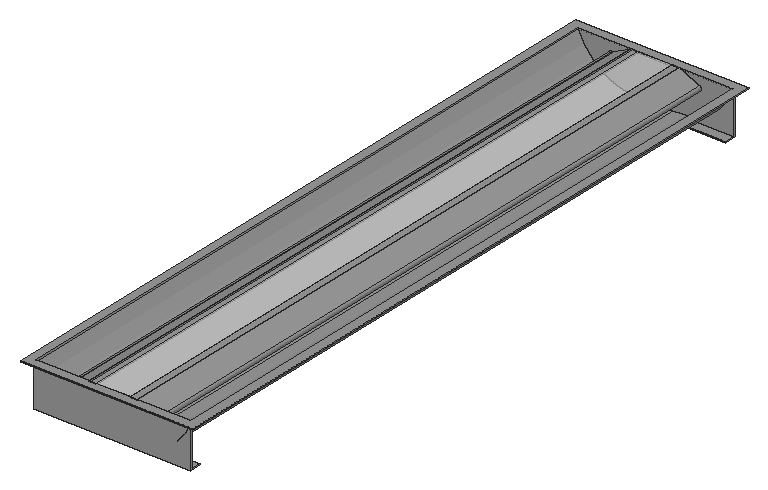
Revit family "44289", category Lighting Fixtures, host Face, Revit 2018
Family settings
  Host = Face
  Round Connector Dimension = Use Diameter
  Part Type = Normal
  OmniClass Number = 23.80.70.11.17
  OmniClass Title = Specialized Lighting by Location or Use
  Cut with Voids When Loaded = No
  Light Source = Yes
  Shared = No
  Room Calculation Point = No
Parameters (values of type "0044289 RUBICO LED 1200 HE 4K DALI EMPRO")
  Width = 1196.0 mm
  Weight = 4.6 kg
  Wattage Comments = ""
  Wattage = 23.6608 W
  built-in parameter 1150110 = 1 (stored number, unit not read)
  Voltage Comments = "UNI ( Universal Voltage; 230-240 Volt )"  # constant formula
  Voltage = 230 V  # constant formula
  URL = "0"
  built-in parameter 1114217 = 1 (stored number, unit not read)
  Tilt Angle = -90.00°
  built-in parameter 1150109 = 1 (stored number, unit not read)
  built-in parameter 1150134 = (empty or 0)
  built-in parameter 1150113 = 1 (stored number, unit not read)
  Reflector Material = Steel_Sylvania_Rubico LED_White_RAL 9016
  Product Page URL = "http://www.sylvania-lighting.com/product/en-int/products/0044336"
  Product Family = "RUBICO LED - DALI DIMMABLE & EMERGENCY 3 HOUR"  # constant formula
  Photometry Comments = ""
  Photometric Web File = "0044289.ies"
  Life = "50 000h"  # constant formula
  Length = 296.0 mm
  LOR = "1"
  Keynote = "n/a"
  IP Rating = "IP20"  # constant formula
  IK Rating = "IK07"  # constant formula
  Housing Material = Steel_Sylvania_Rubico LED_White_RAL 9016
  Height = 75.0 mm
  Glow Wire Test = 850 °C  # constant formula
  Glare Control = "19>"  # constant formula
  Energy Class = "A++, A+, A"  # constant formula
  Emit from Rectangle Width = Cutout Length - 4.0 mm  # 266.0 mm
  Emit from Rectangle Length = Cutout Width - 4.0 mm  # 1166.0 mm
  Emit Shape Visible in Rendering = no
  Electrical Protection = "CLASS1"  # constant formula
  Drive Current = "700mA"  # constant formula
  Diffuser Width = Length - 236.0 mm  # 60.0 mm
  Diffuser 2 Material = Polycarbonate_Sylvania_Rubico LED_Clear
  Diffuser 1 Material = Steel_Sylvania_Rubico LED_White_RAL 9016
  Cutout Width = Width - 26.0 mm  # 1170.0 mm
  Cutout Length = Length - 26.0 mm  # 270.0 mm
  built-in parameter 1114216 [instance] = 1 (stored number, unit not read)
  Model = "RUBICO LED 1200x300 HE 4K DALI EMPRO"
  Manufacturer = ""
  built-in parameter 1150105 = 152.44 (stored number, unit not read)
  Lumens = 1915.58 lm
  built-in parameter 1150115 = 1 (stored number, unit not read)
  built-in parameter 1150137 = (empty or 0)
  built-in parameter 1150139 = (empty or 0)
  built-in parameter 1150112 = 1 (stored number, unit not read)
  built-in parameter 1150114 = 1 (stored number, unit not read)
  Lamp = "n/a"
  built-in parameter 1150132 = 2
  built-in parameter 1150102 = (empty or 0)
  built-in parameter 1150107 = (empty or 0)
  built-in parameter 1150138 = (empty or 0)
  built-in parameter 1150106 = 1.5244 (stored number, unit not read)
  built-in parameter 1150104 = 7.5214 (stored number, unit not read)
  Dimming Lamp Color Temperature Shift = <None>
  Description = "Direct and Indirect light distribution. 31W - 46W LED recessed luminaire. Rubico LED Gen 2 is perfect for Office circulation areas, Corridors . Available with Micro Prismatic Optic (MPO) with satin side diffuser. Available in recessed (600x600 and 1200x300) . Rubico LED Gen 2 delivers high output up to 3,656lm (luminaire lumen output on 4,000K version). Rana LED delivers high efficiency up to 84lm/W (total system efficiency). Available in warm white (3,000K) and neutral white (4,000K). Energy efficient electronic gear including DALI and 3 hour emergency versions as standard. Long lifetime: 50,000 hours life at 70% of the original output L70. Less maintenance is required due to the long lifetime of 50,000hrs. Energy Class: A++, A+, A. LED technology provides an energy efficient solution with reduced maintenance costs. Comes complete with safety cable. Complete with protective film and quick connector for easy installation"  # constant formula
  Default Elevation = 0.0 mm
  Color Filter = 16777215
  Catalog Number = "0044336 RUBICO 300*1200 DALI E3 LED 4000 G2"
  built-in parameter 1140040 [instance] = 1
  CRI(Ra) = ">80"  # constant formula
  Body Material = Steel_Sylvania_Rubico LED_White_RAL 9016
  built-in parameter 1114218 = 1 (stored number, unit not read)
  built-in parameter 1150133 = 10 (stored number, unit not read)
  Assembly Code = "D5020200"
  Apparent Load Comments = ""
  Apparent Load = 30 VA
  Ambient temperature for maximum luminous flux (°C) = "25"  # constant formula
  Accessory Material = Steel_Sylvania_Rubico LED_White_RAL 9016
Reference planes
  plane 1 "Center (Front/Back)": y = 0
  plane 2: z = -5
  plane 3 "Center (Left/Right)": x = -27.322
  plane 4 "Housing Left": x = -162.322
  plane 5 "Housing Right": x = 107.678
  plane 6 "Housing Front": y = 585
  plane 7 "Housing Back": y = -585
  plane 8 "Fixture Right": x = 120.678
  plane 9 "Fixture Left": x = -175.322
  plane 10 "Fixture Front": y = 598
  plane 11 "Fixture Back": y = -598
  plane 12 "Fixture Top": z = -73
  plane 13 "Fixture Bottom": z = 0
  plane 14 "Profile Front": y = 583
  plane 15 "Profile Back": y = -583
  plane 16 "Profile Left": x = -160.322
  plane 17 "Profile Right": x = 105.678
  plane 18 "Diffuser Bottom": z = 0
  plane 19 "Diffuser Top": z = -2
  plane 20 "Accessory Left": x = -67.322
  plane 21 "Accessory Right": x = 12.678
  plane 22 "Diffuser Left": x = -57.322
  plane 23 "Diffuser Right": x = 2.678
  plane 24: z = -75
Forms (mm)
  Extrusion 1, void
    sketch origin (0, 0, 59) x (-1, 0, 0) y (0, -1, 0)
      loop
        line (-107.678, -585) -> (162.322, -585) -> (162.322, 585) -> (-107.678, 585) -> (-107.678, -585)
    from -132 to -61
  Extrusion 2, solid, material "Steel_Sylvania_Rubico LED_White_RAL 9016" <- "Housing Material", detail levels fine
    sketch origin (0, 0, 59) x (-1, 0, 0) y (0, -1, 0)
      loop
        line (175.322, -598) -> (175.322, 598) -> (-120.678, 598) -> (-120.678, -598) -> (175.322, -598)
      loop
        line (162.322, -585) -> (162.322, 585) -> (-107.678, 585) -> (-107.678, -585) -> (162.322, -585)
    from -61 to -59
  Extrusion 3, solid, material "Steel_Sylvania_Rubico LED_White_RAL 9016" <- "Housing Material", detail levels fine
    sketch origin (0, 0, 0) x (1, 0, 0) y (0, 0, 1)
      loop
        line (-57.322, -73) -> (2.678, -73)
        arc (2.678, -73) -> (66.054, -53.584) -> (107.678, -2) r 113.141
        line (107.678, -2) -> (107.678, 0) -> (105.678, 0) -> (105.678, -2)
        arc (105.678, -2) -> (64.666, -52.156) -> (2.678, -71) r 111.377
        line (2.678, -71) -> (-57.322, -71)
        arc (-57.322, -71) -> (-119.31, -52.156) -> (-160.322, -2) r 111.377
        line (-160.322, -2) -> (-160.322, 0) -> (-162.322, 0) -> (-162.322, -2)
        arc (-162.322, -2) -> (-120.698, -53.584) -> (-57.322, -73) r 113.141
    from -583 to 583
  Extrusion 4, solid, material "Steel_Sylvania_Rubico LED_White_RAL 9016" <- "Housing Material", detail levels fine
    sketch origin (0, 0, 0) x (1, 0, 0) y (0, 0, 1)
      loop
        line (107.678, 0) -> (-162.322, 0) -> (-162.322, -73) -> (107.678, -73) -> (107.678, 0)
    from 583 to 585
  Extrusion 5, solid, material "Steel_Sylvania_Rubico LED_White_RAL 9016" <- "Housing Material", detail levels fine
    sketch origin (0, 0, 0) x (1, 0, 0) y (0, 0, 1)
      loop
        line (-162.322, 0) -> (-162.322, -73) -> (107.678, -73) -> (107.678, 0) -> (-162.322, 0)
    from -585 to -583
  Extrusion 6, solid, material "Steel_Sylvania_Rubico LED_White_RAL 9016" <- "Diffuser 1 Material", detail levels fine
    sketch origin (0, 0, 0) x (1, 0, 0) y (0, 0, 1)
      loop
        line (12.678, 0) -> (12.678, -2) -> (14.734, -2) -> (47.833, -17.434)
        arc (47.833, -17.434) -> (49.284, -21.421) -> (45.297, -22.872) r 3
        line (45.297, -22.872) -> (44.452, -24.684)
        arc (44.452, -24.684) -> (51.096, -22.266) -> (48.678, -15.621) r 5
        line (48.678, -15.621) -> (15.178, 0) -> (12.678, 0)
      loop
        line (-67.322, 0) -> (-69.822, 0) -> (-103.322, -15.621)
        arc (-103.322, -15.621) -> (-105.741, -22.266) -> (-99.096, -24.684) r 5
        line (-99.096, -24.684) -> (-99.941, -22.872)
        arc (-99.941, -22.872) -> (-103.928, -21.421) -> (-102.477, -17.434) r 3
        line (-102.477, -17.434) -> (-69.379, -2) -> (-67.322, -2) -> (-67.322, 0)
    from -583 to 583
  Extrusion 7, solid, material "Steel_Sylvania_Rubico LED_White_RAL 9016" <- "Accessory Material", detail levels fine
    sketch origin (0, 0, 59) x (-1, 0, 0) y (0, -1, 0)
      loop
        line (57.322, -583) -> (67.322, -583) -> (67.322, 583) -> (57.322, 583) -> (57.322, -583)
      loop
        line (-2.678, -583) -> (-2.678, 583) -> (-12.678, 583) -> (-12.678, -583) -> (-2.678, -583)
    from -61 to -59
  Extrusion 8, solid, material "Polycarbonate_Sylvania_Rubico LED_Clear" <- "Diffuser 2 Material", detail levels fine
    sketch origin (0, 0, 59) x (-1, 0, 0) y (0, -1, 0)
      loop
        line (-2.678, -583) -> (57.322, -583) -> (57.322, 583) -> (-2.678, 583) -> (-2.678, -583)
    from -61 to -59
  Extrusion 9, solid, material "Steel_Sylvania_Rubico LED_White_RAL 9016" <- "Housing Material", detail levels coarse+medium
    sketch origin (0, 0, 59) x (-1, 0, 0) y (0, -1, 0)
      loop
        line (-120.678, -598) -> (175.322, -598) -> (175.322, 598) -> (-120.678, 598) -> (-120.678, -598)
    from -61 to -59
  Extrusion 10, solid, material "Steel_Sylvania_Rubico LED_White_RAL 9016" <- "Housing Material", detail levels coarse+medium
    sketch origin (0, 0, 0) x (1, 0, 0) y (0, 0, 1)
      loop
        line (-162.322, 0) -> (-162.322, -75) -> (107.678, -75) -> (107.678, 0) -> (-162.322, 0)
    from -585 to 585
  Extrusion 11, void
    sketch origin (0, 0, 59) x (-1, 0, 0) y (0, -1, 0)
      loop
        line (175.322, -598) -> (175.322, 598) -> (-120.678, 598) -> (-120.678, -598) -> (175.322, -598)
    from -61 to -59
  Extrusion 12, solid, material "Steel_Sylvania_Rubico LED_White_RAL 9016" <- "Housing Material", detail levels fine
    sketch origin (0, 0, 59) x (-1, 0, 0) y (0, -1, 0)
      loop
        line (162.322, -585) -> (162.322, -565) -> (-107.678, -565) -> (-107.678, -585) -> (162.322, -585)
      loop
        line (162.322, 585) -> (-107.678, 585) -> (-107.678, 565) -> (162.322, 565) -> (162.322, 585)
    from -134 to -132
Cuts and joins
  joined: Extrusion 2, Extrusion 3, Extrusion 4, Extrusion 5, Extrusion 12
  joined: Extrusion 9, Extrusion 10
Dimensions and locks
  equal spacing: plane 6 "Housing Front", plane 1 "Center (Front/Back)", plane 7 "Housing Back"
  equal spacing: plane 4 "Housing Left", plane 3 "Center (Left/Right)", plane 5 "Housing Right"
  "Cutout Length": plane 4 "Housing Left" to plane 5 "Housing Right"
  equal spacing: plane 9 "Fixture Left", plane 3 "Center (Left/Right)", plane 8 "Fixture Right"
  "Length": plane 9 "Fixture Left" to plane 8 "Fixture Right"
  equal spacing: plane 11 "Fixture Back", plane 1 "Center (Front/Back)", plane 10 "Fixture Front"
  "Width": plane 10 "Fixture Front" to plane 11 "Fixture Back"
  locked: plane 15 "Profile Back" to plane 7 "Housing Back" at 2
  locked: plane 14 "Profile Front" to plane 6 "Housing Front" at 2
  locked: plane 17 "Profile Right" to plane 5 "Housing Right" at 2
  locked: plane 4 "Housing Left" to plane 16 "Profile Left" at 2
  "Cutout Width": plane 6 "Housing Front" to plane 7 "Housing Back"
  equal spacing: plane 22 "Diffuser Left", plane 3 "Center (Left/Right)", plane 23 "Diffuser Right"
  "Diffuser Width": plane 22 "Diffuser Left" to plane 23 "Diffuser Right"
  plane 18 "Diffuser Bottom" to plane 19 "Diffuser Top" to plane 2 = 2.0 mm locked, 3.0 mm locked
  locked: Extrusion 6 sketch curve to Extrusion 6 sketch curve at 2  (x2)
  Extrusion 6 sketch curve to Extrusion 6 sketch curve to plane 20 "Accessory Left" = 33.5 mm locked, 2.5 mm locked
  Extrusion 6 sketch curve to Extrusion 6 sketch curve to plane 21 "Accessory Right" = 33.5 mm locked, 2.5 mm locked
  locked: plane 23 "Diffuser Right" to plane 21 "Accessory Right" at 10
  locked: plane 20 "Accessory Left" to plane 22 "Diffuser Left" at 10
  "Height": plane 18 "Diffuser Bottom" to plane 24
  locked: plane 6 "Housing Front" to Extrusion 12 sketch curve at 20
  locked: Extrusion 12 sketch curve to plane 7 "Housing Back" at 20
  locked: plane 12 "Fixture Top" to plane 24 at 2
  locked: Extrusion 3 sketch curve to plane 24 at 73  (x4)
  aligned and locked: host face to level
  aligned and locked: plane 6 "Housing Front" to Extrusion 1 sketch curve
  aligned and locked: plane 5 "Housing Right" to Extrusion 1 sketch curve
  aligned and locked: Extrusion 1 sketch curve to plane 7 "Housing Back"
  aligned and locked: Extrusion 1 sketch curve to plane 4 "Housing Left"
  aligned and locked: Extrusion 1 to plane 12 "Fixture Top"
  aligned and locked: Extrusion 2 sketch curve to plane 10 "Fixture Front"
  aligned and locked: plane 9 "Fixture Left" to Extrusion 2 sketch curve
  aligned and locked: Extrusion 2 sketch curve to plane 11 "Fixture Back"
  aligned and locked: Extrusion 2 sketch curve to plane 8 "Fixture Right"
  aligned and locked: plane 13 "Fixture Bottom" to Extrusion 2
  aligned and locked: plane 13 "Fixture Bottom" to Extrusion 4 sketch curve
  aligned and locked: Extrusion 4 to plane 7 "Housing Back"
  aligned and locked: Extrusion 4 to plane 15 "Profile Back"
  aligned and locked: Extrusion 5 sketch curve to plane 13 "Fixture Bottom"
  aligned and locked: plane 6 "Housing Front" to Extrusion 5
  aligned and locked: plane 14 "Profile Front" to Extrusion 5
  aligned and locked: Extrusion 7 sketch curve to plane 14 "Profile Front"
  aligned and locked: plane 22 "Diffuser Left" to Extrusion 7 sketch curve
  aligned and locked: Extrusion 6 to Extrusion 7 sketch curve
  aligned and locked: plane 14 "Profile Front" to Extrusion 7 sketch curve
  aligned and locked: Extrusion 7 sketch curve to plane 23 "Diffuser Right"
  aligned and locked: Extrusion 7 sketch curve to Extrusion 6  (x2)
  aligned and locked: plane 19 "Diffuser Top" to Extrusion 7
  aligned and locked: Extrusion 7 to plane 18 "Diffuser Bottom"
  aligned and locked: Extrusion 7 to Extrusion 8 sketch curve  (x2)
  aligned and locked: Extrusion 8 sketch curve to Extrusion 7  (x2)
  aligned and locked: plane 19 "Diffuser Top" to Extrusion 8
  aligned and locked: Extrusion 8 to plane 18 "Diffuser Bottom"
  aligned and locked: plane 13 "Fixture Bottom" to Extrusion 9
  aligned and locked: plane 3 "Center (Left/Right)" to imposter light
  aligned and locked: plane 1 "Center (Front/Back)" to imposter light
  aligned and locked: plane 13 "Fixture Bottom" to imposter light
  aligned and locked: Extrusion 10 sketch curve to imposter light
  aligned and locked: Extrusion 10 to plane 7 "Housing Back"
  aligned and locked: plane 6 "Housing Front" to Extrusion 10
  aligned and locked: Extrusion 11 sketch curve to plane 8 "Fixture Right"
  aligned and locked: plane 9 "Fixture Left" to Extrusion 11 sketch curve
  aligned and locked: Extrusion 11 sketch curve to plane 10 "Fixture Front"
  aligned and locked: Extrusion 11 sketch curve to plane 11 "Fixture Back"
  aligned and locked: level to Extrusion 11
  aligned and locked: level to plane 13 "Fixture Bottom"
  aligned and locked: Extrusion 7 sketch curve to plane 20 "Accessory Left"
  aligned and locked: Extrusion 6 sketch curve to plane 21 "Accessory Right"
  aligned and locked: Extrusion 6 sketch curve to plane 20 "Accessory Left"
  aligned and locked: plane 23 "Diffuser Right" to Extrusion 3 sketch curve
  aligned and locked: plane 22 "Diffuser Left" to Extrusion 3 sketch curve
  aligned and locked: Extrusion 3 sketch curve to plane 12 "Fixture Top"
  aligned and locked: Extrusion 10 sketch curve to plane 5 "Housing Right"
  aligned and locked: Extrusion 10 sketch curve to plane 4 "Housing Left"
  aligned and locked: Extrusion 4 sketch curve to plane 4 "Housing Left"
  aligned and locked: Extrusion 4 sketch curve to plane 5 "Housing Right"
  aligned and locked: Extrusion 2 sketch curve to Extrusion 10  (x3)
  aligned and locked: Extrusion 2 sketch curve to Extrusion 4
  aligned and locked: Extrusion 3 sketch curve to plane 17 "Profile Right"
  aligned and locked: Extrusion 3 sketch curve to plane 5 "Housing Right"
  aligned and locked: host face to Extrusion 3 sketch curve
  aligned and locked: Extrusion 3 sketch curve to plane 4 "Housing Left"
  aligned and locked: Extrusion 3 sketch curve to plane 16 "Profile Left"
  aligned and locked: Extrusion 2 to Extrusion 3 sketch curve
  aligned and locked: Extrusion 5 sketch curve to plane 4 "Housing Left"
  aligned and locked: Extrusion 5 sketch curve to plane 5 "Housing Right"
  aligned and locked: plane 19 "Diffuser Top" to cut or joined group of Extrusion 2, Extrusion 3, Extrusion 4, Extrusion 5, Extrusion 12
  aligned and locked: plane 19 "Diffuser Top" to Extrusion 9
  aligned and locked: plane 19 "Diffuser Top" to Extrusion 11
  aligned and locked: Extrusion 1 to plane 19 "Diffuser Top"
  aligned and locked: Extrusion 12 sketch curve to plane 6 "Housing Front"
  aligned and locked: Extrusion 12 to plane 24
  aligned and locked: plane 12 "Fixture Top" to Extrusion 12
  aligned and locked: plane 4 "Housing Left" to Extrusion 12 sketch curve  (x2)
  aligned and locked: Extrusion 12 sketch curve to plane 5 "Housing Right"
  aligned and locked: Extrusion 5 sketch curve to plane 12 "Fixture Top"
  aligned and locked: Extrusion 4 sketch curve to plane 12 "Fixture Top"
  aligned and locked: Extrusion 12 sketch curve to plane 7 "Housing Back"
  aligned and locked: plane 5 "Housing Right" to Extrusion 12 sketch curve
  aligned and locked: Extrusion 10 sketch curve to plane 24
  aligned and locked: plane 16 "Profile Left" to Extrusion 3 sketch curve
  aligned and locked: plane 4 "Housing Left" to Extrusion 3 sketch curve
  aligned and locked: plane 5 "Housing Right" to Extrusion 3 sketch curve
  aligned and locked: plane 17 "Profile Right" to Extrusion 3 sketch curve
  aligned and locked: plane 14 "Profile Front" to cut or joined group of Extrusion 2, Extrusion 3, Extrusion 4, Extrusion 5, Extrusion 12
  aligned and locked: plane 15 "Profile Back" to Extrusion 3
  aligned and locked: Extrusion 3 to Extrusion 4
  aligned and locked: plane 15 "Profile Back" to Extrusion 6
  aligned and locked: Extrusion 6 to plane 14 "Profile Front"
  aligned and locked: Extrusion 3 to plane 14 "Profile Front"
Automatic sketch dimensions
  host sketch curve to host sketch curve = 1874.119 mm
  host sketch curve to host sketch curve = 1731.672 mm
  Extrusion 9 sketch curve to plane 8 "Fixture Right" = 0.0 mm
  Extrusion 9 sketch curve to plane 9 "Fixture Left" = 0.0 mm
  Extrusion 9 sketch curve to plane 10 "Fixture Front" = 0.0 mm
  plane 11 "Fixture Back" to Extrusion 9 sketch curve = 0.0 mm
  Extrusion 6 sketch curve to Extrusion 6 sketch curve = 0.0 mm  (x5)
  Extrusion 6 sketch curve to level = 0.0 mm  (x2)
  Extrusion 6 sketch curve to plane 19 "Diffuser Top" = 0.0 mm  (x2)
  Extrusion 6 sketch curve to Extrusion 6 sketch curve = 0.443 mm  (x2)
  Extrusion 6 sketch curve to Extrusion 6 sketch curve = 4.226 mm  (x2)
  Extrusion 6 sketch curve to plane 2 = 12.434 mm  (x2)
  Extrusion 6 sketch curve to Extrusion 6 sketch curve = 1.268 mm  (x2)
  Extrusion 3 sketch curve to plane 22 "Diffuser Left" = 0.0 mm
  plane 23 "Diffuser Right" to Extrusion 3 sketch curve = 0.0 mm
  Extrusion 3 sketch curve to Extrusion 3 sketch curve = 2.0 mm
  Extrusion 6 sketch curve to plane 20 "Accessory Left" = 32.619 mm
  Extrusion 6 sketch curve to Extrusion 6 sketch curve = 0.845 mm
  Extrusion 6 sketch curve to Extrusion 6 sketch curve = 7.25 mm
  Extrusion 6 sketch curve to plane 2 = 19.684 mm
Connectors
  electrical at (-27.322, 0, -73), driven by "Voltage", driven by "Apparent Load"
    settings: index 1, voltage 230 V, apparent load 0 VA, apparent load phase1 30 VA, apparent load phase2 0 VA, apparent load phase3 0 VA, power factor 1, load classification "Lighting", number of poles 1, system type 31, power factor state 1, is connector primary yes, connector utility no, sub classification motor no, connector description ""
